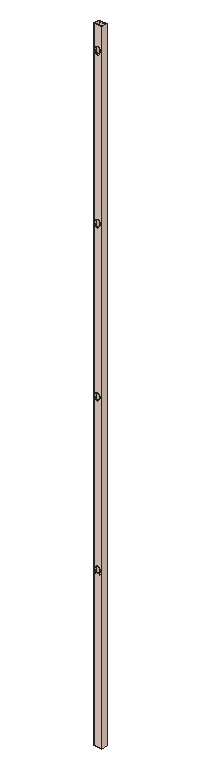
Revit family "SQ-PowerBar4565", category 機械設備, Revit 2020
Family settings
  丸型コネクタ寸法 = 直径を使用
  種別 = なし
  パーツ タイプ = 標準
  作業面ベース = いいえ
  常に垂直 = はい
  ロード時にボイドで切り取り = いいえ
  共有 = いいえ
  部屋計算ポイント = いいえ
Parameters
  製造元 = "株式会社桐井製作所"
  既定の高さ = 0 mm
  振れ止め本数 [instance] = roundup(([K_長さ(mm)] - 1200 mm) * 1 / 振れ止めピッチ) * 1  # 4
  振れ止めピッチ = 1200 mm  # constant formula
  URL = "https://www.kirii.co.jp/"
  K_長さ(mm) [instance] = 5000 mm
  K_外形寸法(mm) = "45×65×0.45"
  K_品名 = "SQ-PowerBar4565"
  K_名称 = "スタッド"
  K_バージョン情報 = "20210714"
Reference planes
  plane 1 "中心(正面/背面)": y = 0
  plane 2: z = 0
  plane 3 "中心(左/右)": x = 0
  plane 4: x = 32.5
  plane 5: x = -32.5
  plane 6: y = 22.5
  plane 7: z = 5000
  plane 8: y = -22.5
  plane 9: z = 1200
Forms (mm)
  Extrusion 1, solid
    sketch origin (0.5, -20, 0) x (1, 0, 0) y (0, 1, 0)
      loop
        line (-33, 42.5) -> (-33, -2.5) -> (32, -2.5) -> (32, 42.5) -> (-33, 42.5)
      loop
        line (-32.55, -2.05) -> (31.55, -2.05) -> (31.55, 42.05) -> (-32.55, 42.05) -> (-32.55, -2.05)
    from 0 to 5000
  Extrusion 2, void
    sketch origin (0, 0, 0) x (1, 0, 0) y (0, 0, 1)
      loop
        arc (20.772, 1223.911) -> (19.036, 1235.867) -> (11, 1244.889) r 21
        line (11, 1244.889) -> (11, 1250.5) -> (-11, 1250.5) -> (-11, 1244.889)
        arc (-11, 1244.889) -> (-19.034, 1235.872) -> (-20.773, 1223.922) r 21
        line (-20.773, 1223.922) -> (-19, 1212) -> (-19, 1209.455) -> (-17.921, 1206.653)
        arc (-17.921, 1206.653) -> (-17.8, 1206.02) -> (-17.907, 1205.385) r 1.817
        line (-17.907, 1205.385) -> (-19, 1202.349) -> (-19, 1200) -> (-11, 1200) -> (-11, 1197.5) -> (11, 1197.5) -> (11, 1200) -> (19, 1200) -> (19, 1202.349) -> (17.907, 1205.385)
        arc (17.907, 1205.385) -> (17.8, 1206.02) -> (17.921, 1206.653) r 1.817
        line (17.921, 1206.653) -> (19, 1209.455) -> (19, 1212) -> (20.772, 1223.911)
    from -22.5 to 22.5
  Extrusion 3, void
    sketch origin (0, 0, 1200) x (1, 0, 0) y (0, 0, 1)
      loop
        arc (20.772, 1223.911) -> (19.036, 1235.867) -> (11, 1244.889) r 21
        line (11, 1244.889) -> (11, 1250.5) -> (-11, 1250.5) -> (-11, 1244.889)
        arc (-11, 1244.889) -> (-19.034, 1235.872) -> (-20.773, 1223.922) r 21
        line (-20.773, 1223.922) -> (-19, 1212) -> (-19, 1209.455) -> (-17.921, 1206.653)
        arc (-17.921, 1206.653) -> (-17.8, 1206.02) -> (-17.907, 1205.385) r 1.817
        line (-17.907, 1205.385) -> (-19, 1202.349) -> (-19, 1200) -> (-11, 1200) -> (-11, 1197.5) -> (11, 1197.5) -> (11, 1200) -> (19, 1200) -> (19, 1202.349) -> (17.907, 1205.385)
        arc (17.907, 1205.385) -> (17.8, 1206.02) -> (17.921, 1206.653) r 1.817
        line (17.921, 1206.653) -> (19, 1209.455) -> (19, 1212) -> (20.772, 1223.911)
    from -22.5 to 22.5
  Extrusion 4, void
    sketch origin (0, 0, 2400) x (1, 0, 0) y (0, 0, 1)
      loop
        arc (20.772, 1223.911) -> (19.036, 1235.867) -> (11, 1244.889) r 21
        line (11, 1244.889) -> (11, 1250.5) -> (-11, 1250.5) -> (-11, 1244.889)
        arc (-11, 1244.889) -> (-19.034, 1235.872) -> (-20.773, 1223.922) r 21
        line (-20.773, 1223.922) -> (-19, 1212) -> (-19, 1209.455) -> (-17.921, 1206.653)
        arc (-17.921, 1206.653) -> (-17.8, 1206.02) -> (-17.907, 1205.385) r 1.817
        line (-17.907, 1205.385) -> (-19, 1202.349) -> (-19, 1200) -> (-11, 1200) -> (-11, 1197.5) -> (11, 1197.5) -> (11, 1200) -> (19, 1200) -> (19, 1202.349) -> (17.907, 1205.385)
        arc (17.907, 1205.385) -> (17.8, 1206.02) -> (17.921, 1206.653) r 1.817
        line (17.921, 1206.653) -> (19, 1209.455) -> (19, 1212) -> (20.772, 1223.911)
    from -22.5 to 22.5
  Extrusion 5, void
    sketch origin (0, 0, 3600) x (1, 0, 0) y (0, 0, 1)
      loop
        arc (20.772, 1223.911) -> (19.036, 1235.867) -> (11, 1244.889) r 21
        line (11, 1244.889) -> (11, 1250.5) -> (-11, 1250.5) -> (-11, 1244.889)
        arc (-11, 1244.889) -> (-19.034, 1235.872) -> (-20.773, 1223.922) r 21
        line (-20.773, 1223.922) -> (-19, 1212) -> (-19, 1209.455) -> (-17.921, 1206.653)
        arc (-17.921, 1206.653) -> (-17.8, 1206.02) -> (-17.907, 1205.385) r 1.817
        line (-17.907, 1205.385) -> (-19, 1202.349) -> (-19, 1200) -> (-11, 1200) -> (-11, 1197.5) -> (11, 1197.5) -> (11, 1200) -> (19, 1200) -> (19, 1202.349) -> (17.907, 1205.385)
        arc (17.907, 1205.385) -> (17.8, 1206.02) -> (17.921, 1206.653) r 1.817
        line (17.921, 1206.653) -> (19, 1209.455) -> (19, 1212) -> (20.772, 1223.911)
    from -22.5 to 22.5
Cuts and joins
  Extrusion 2, Extrusion 3, Extrusion 4, Extrusion 5 cuts Extrusion 1
Dimensions and locks
  "K_長さ(mm)": plane 7 to level
  "振れ止めピッチ": plane 9 to plane 2
  equal spacing: group 1, group 2, group 3, group 4  (x3)
  aligned and locked: level to plane 2
  aligned and locked: Extrusion 1 sketch curve to plane 6
  aligned and locked: plane 7 to Extrusion 1
  aligned and locked: plane 6 to Extrusion 1
  aligned and locked: Extrusion 1 to plane 8
  aligned and locked: plane 4 to Extrusion 1
  aligned and locked: Extrusion 1 to plane 5
  aligned and locked: plane 4 to cut or joined group of Extrusion 1, Extrusion 2, Extrusion 3, Extrusion 4, Extrusion 5
  aligned and locked: plane 5 to cut or joined group of Extrusion 1, Extrusion 2, Extrusion 3, Extrusion 4, Extrusion 5
  aligned and locked: plane 8 to cut or joined group of Extrusion 1, Extrusion 2, Extrusion 3, Extrusion 4, Extrusion 5
Automatic sketch dimensions
  Extrusion 1 sketch curve to plane 5 = 0 mm
  Extrusion 1 sketch curve to plane 4 = 0 mm
  Extrusion 1 sketch curve to plane 8 = 0 mm
  Extrusion 1 sketch curve to plane 4 = 0.45 mm
  Extrusion 1 sketch curve to plane 6 = 0.45 mm
  plane 5 to Extrusion 1 sketch curve = 0.45 mm
  plane 8 to Extrusion 1 sketch curve = 0.45 mm
  Extrusion 2 sketch curve to Extrusion 2 sketch curve = 0 mm  (x4)
  Extrusion 2 sketch curve to Extrusion 2 sketch curve = 1.156 mm
  Extrusion 2 sketch curve to Extrusion 2 sketch curve = 0.617 mm  (x2)
  Extrusion 2 sketch curve to Extrusion 2 sketch curve = 1.695 mm
  Extrusion 2 sketch curve to Extrusion 2 sketch curve = 0.014 mm  (x2)
  Extrusion 2 sketch curve to Extrusion 2 sketch curve = 8 mm
  Extrusion 2 sketch curve to Extrusion 2 sketch curve = 9.773 mm
  Extrusion 2 sketch curve to Extrusion 2 sketch curve = 11 mm
  Extrusion 2 sketch curve to Extrusion 2 sketch curve = 22 mm  (x2)
  Extrusion 2 sketch curve to Extrusion 2 sketch curve = 6.907 mm
  Extrusion 2 sketch curve to Extrusion 2 sketch curve = 1.093 mm
  Extrusion 2 sketch curve to Extrusion 2 sketch curve = 1.079 mm
  Extrusion 2 sketch curve to Extrusion 2 sketch curve = 1.709 mm
  Extrusion 2 sketch curve to Extrusion 2 sketch curve = 2.5 mm  (x2)
  Extrusion 2 sketch curve to Extrusion 2 sketch curve = 2.349 mm  (x2)
  Extrusion 2 sketch curve to Extrusion 2 sketch curve = 3.036 mm  (x2)
  Extrusion 2 sketch curve to Extrusion 2 sketch curve = 0.615 mm  (x2)
  Extrusion 2 sketch curve to Extrusion 2 sketch curve = 2.803 mm  (x2)
  Extrusion 2 sketch curve to Extrusion 2 sketch curve = 2.545 mm  (x2)
  Extrusion 2 sketch curve to Extrusion 2 sketch curve = 11.922 mm
  Extrusion 2 sketch curve to Extrusion 2 sketch curve = 3.078 mm
  Extrusion 2 sketch curve to Extrusion 2 sketch curve = 17.889 mm
  Extrusion 2 sketch curve to Extrusion 2 sketch curve = 5.611 mm
  Extrusion 2 sketch curve to Extrusion 2 sketch curve = 1.772 mm
  Extrusion 3 sketch curve to Extrusion 3 sketch curve = 0 mm  (x4)
  Extrusion 3 sketch curve to Extrusion 3 sketch curve = 1.156 mm
  Extrusion 3 sketch curve to Extrusion 3 sketch curve = 0.617 mm  (x2)
  Extrusion 3 sketch curve to Extrusion 3 sketch curve = 1.695 mm
  Extrusion 3 sketch curve to Extrusion 3 sketch curve = 0.014 mm  (x2)
  Extrusion 3 sketch curve to Extrusion 3 sketch curve = 8 mm
  Extrusion 3 sketch curve to Extrusion 3 sketch curve = 9.773 mm
  Extrusion 3 sketch curve to Extrusion 3 sketch curve = 11 mm
  Extrusion 3 sketch curve to Extrusion 3 sketch curve = 22 mm  (x2)
  Extrusion 3 sketch curve to Extrusion 3 sketch curve = 6.907 mm
  Extrusion 3 sketch curve to Extrusion 3 sketch curve = 1.093 mm
  Extrusion 3 sketch curve to Extrusion 3 sketch curve = 1.079 mm
  Extrusion 3 sketch curve to Extrusion 3 sketch curve = 1.709 mm
  Extrusion 3 sketch curve to Extrusion 3 sketch curve = 2.5 mm  (x2)
  Extrusion 3 sketch curve to Extrusion 3 sketch curve = 2.349 mm  (x2)
  Extrusion 3 sketch curve to Extrusion 3 sketch curve = 3.036 mm  (x2)
  Extrusion 3 sketch curve to Extrusion 3 sketch curve = 0.615 mm  (x2)
  Extrusion 3 sketch curve to Extrusion 3 sketch curve = 2.803 mm  (x2)
  Extrusion 3 sketch curve to Extrusion 3 sketch curve = 2.545 mm  (x2)
  Extrusion 3 sketch curve to Extrusion 3 sketch curve = 11.922 mm
  Extrusion 3 sketch curve to Extrusion 3 sketch curve = 3.078 mm
  Extrusion 3 sketch curve to Extrusion 3 sketch curve = 17.889 mm
  Extrusion 3 sketch curve to Extrusion 3 sketch curve = 5.611 mm
  Extrusion 3 sketch curve to Extrusion 3 sketch curve = 1.772 mm
  Extrusion 4 sketch curve to Extrusion 4 sketch curve = 0 mm  (x4)
  Extrusion 4 sketch curve to Extrusion 4 sketch curve = 1.156 mm
  Extrusion 4 sketch curve to Extrusion 4 sketch curve = 0.617 mm  (x2)
  Extrusion 4 sketch curve to Extrusion 4 sketch curve = 1.695 mm
  Extrusion 4 sketch curve to Extrusion 4 sketch curve = 0.014 mm  (x2)
  Extrusion 4 sketch curve to Extrusion 4 sketch curve = 8 mm
  Extrusion 4 sketch curve to Extrusion 4 sketch curve = 9.773 mm
  Extrusion 4 sketch curve to Extrusion 4 sketch curve = 11 mm
  Extrusion 4 sketch curve to Extrusion 4 sketch curve = 22 mm  (x2)
  Extrusion 4 sketch curve to Extrusion 4 sketch curve = 6.907 mm
  Extrusion 4 sketch curve to Extrusion 4 sketch curve = 1.093 mm
  Extrusion 4 sketch curve to Extrusion 4 sketch curve = 1.079 mm
  Extrusion 4 sketch curve to Extrusion 4 sketch curve = 1.709 mm
  Extrusion 4 sketch curve to Extrusion 4 sketch curve = 2.5 mm  (x2)
  Extrusion 4 sketch curve to Extrusion 4 sketch curve = 2.349 mm  (x2)
  Extrusion 4 sketch curve to Extrusion 4 sketch curve = 3.036 mm  (x2)
  Extrusion 4 sketch curve to Extrusion 4 sketch curve = 0.615 mm  (x2)
  Extrusion 4 sketch curve to Extrusion 4 sketch curve = 2.803 mm  (x2)
  Extrusion 4 sketch curve to Extrusion 4 sketch curve = 2.545 mm  (x2)
  Extrusion 4 sketch curve to Extrusion 4 sketch curve = 11.922 mm
  Extrusion 4 sketch curve to Extrusion 4 sketch curve = 3.078 mm
  Extrusion 4 sketch curve to Extrusion 4 sketch curve = 17.889 mm
  Extrusion 4 sketch curve to Extrusion 4 sketch curve = 5.611 mm
  Extrusion 4 sketch curve to Extrusion 4 sketch curve = 1.772 mm
  Extrusion 5 sketch curve to Extrusion 5 sketch curve = 0 mm  (x4)
  Extrusion 5 sketch curve to Extrusion 5 sketch curve = 1.156 mm
  Extrusion 5 sketch curve to Extrusion 5 sketch curve = 0.617 mm  (x2)
  Extrusion 5 sketch curve to Extrusion 5 sketch curve = 1.695 mm
  Extrusion 5 sketch curve to Extrusion 5 sketch curve = 0.014 mm  (x2)
  Extrusion 5 sketch curve to Extrusion 5 sketch curve = 8 mm
  Extrusion 5 sketch curve to Extrusion 5 sketch curve = 9.773 mm
  Extrusion 5 sketch curve to Extrusion 5 sketch curve = 11 mm
  Extrusion 5 sketch curve to Extrusion 5 sketch curve = 22 mm  (x2)
  Extrusion 5 sketch curve to Extrusion 5 sketch curve = 6.907 mm
  Extrusion 5 sketch curve to Extrusion 5 sketch curve = 1.093 mm
  Extrusion 5 sketch curve to Extrusion 5 sketch curve = 1.079 mm
  Extrusion 5 sketch curve to Extrusion 5 sketch curve = 1.709 mm
  Extrusion 5 sketch curve to Extrusion 5 sketch curve = 2.5 mm  (x2)
  Extrusion 5 sketch curve to Extrusion 5 sketch curve = 2.349 mm  (x2)
  Extrusion 5 sketch curve to Extrusion 5 sketch curve = 3.036 mm  (x2)
  Extrusion 5 sketch curve to Extrusion 5 sketch curve = 0.615 mm  (x2)
  Extrusion 5 sketch curve to Extrusion 5 sketch curve = 2.803 mm  (x2)
  Extrusion 5 sketch curve to Extrusion 5 sketch curve = 2.545 mm  (x2)
  Extrusion 5 sketch curve to Extrusion 5 sketch curve = 11.922 mm
  Extrusion 5 sketch curve to Extrusion 5 sketch curve = 3.078 mm
  Extrusion 5 sketch curve to Extrusion 5 sketch curve = 17.889 mm
  Extrusion 5 sketch curve to Extrusion 5 sketch curve = 5.611 mm
  Extrusion 5 sketch curve to Extrusion 5 sketch curve = 1.772 mm
